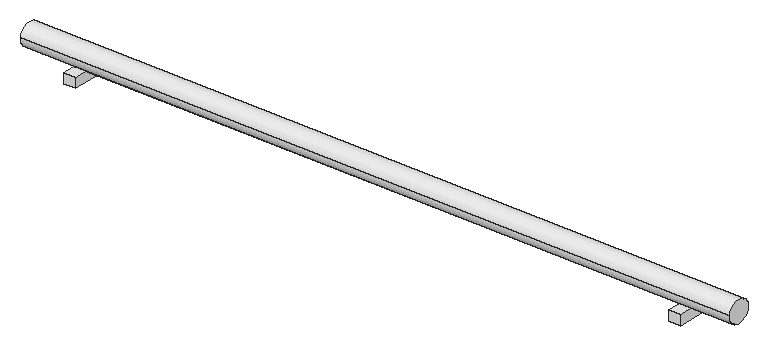
Revit family "Lighting-Linear-Acclaim-Adapt Cove", category Lighting Fixtures, host Face, Revit 2017
Family settings
  Host = Face
  Round Connector Dimension = Use Diameter
  Part Type = Normal
  Cut with Voids When Loaded = No
  Light Source = Yes
  Shared = No
  Room Calculation Point = No
Parameters (values of type "Adapt Cove")
  Width = 2.04"
  Wattage = 9.2903 W
  built-in parameter 1150110 = 1 (stored number, unit not read)
  Voltage = 0 V
  URL = "http://www.acclaimlighting.com/"
  built-in parameter 1114217 = 1 (stored number, unit not read)
  Tilt Angle = -90.00°
  built-in parameter 1150109 = 1 (stored number, unit not read)
  built-in parameter 1150134 = 3
  built-in parameter 1150113 = 1 (stored number, unit not read)
  Power Factor = 1
  Photometric Web File = "Load File"
  Number of Poles = 1
  built-in parameter 1150142 = (empty or 0)
  Model = "Adapt Cove"
  Manufacturer = "Acclaim Lighting"
  built-in parameter 1150105 = 109.82 (stored number, unit not read)
  Lumens = 1380 lm
  built-in parameter 1150115 = 1 (stored number, unit not read)
  built-in parameter 1150137 = (empty or 0)
  built-in parameter 1150139 = (empty or 0)
  Length = 48.00"
  built-in parameter 1150112 = 1 (stored number, unit not read)
  built-in parameter 1150114 = 1 (stored number, unit not read)
  Lamp = "LED"
  built-in parameter 1150132 = (empty or 0)
  built-in parameter 1150102 = (empty or 0)
  built-in parameter 1150107 = 3200 (stored number, unit not read)
  built-in parameter 1150138 = (empty or 0)
  built-in parameter 1150106 = 1.0982 (stored number, unit not read)
  Housing Finish = Aluminum
  Emit from Line Length = Length  # 48.00"
  built-in parameter 1150104 = 13.8 (stored number, unit not read)
  Dimming Lamp Color Temperature Shift = <None>
  Description = "Cove Lighting"
  Default Elevation = 48.00"
  Color Filter = 16777215
  built-in parameter 1114218 = 1 (stored number, unit not read)
  built-in parameter 1150133 = 10 (stored number, unit not read)
  Apparent Load = 0 VA
Reference planes (in)
  plane 1 "Center (Front/Back)": y = 0
  plane 2: z = 0
  plane 3 "Center (Left/Right)": x = 0
  plane 4: x = -2.86874
  plane 5: x = -2.08749
  plane 6: x = 2.06876
  plane 7: x = 2.85001
  plane 8: z = 1.668
  plane 9: z = 2.03932
  plane 10: y = 1.02
  plane 11: y = -1.02
  plane 12: z = 2.59
  plane 13: x = -24
  plane 14: x = 24
Forms (in)
  Extrusion 1, solid, material "Aluminum"
    sketch origin (0, 0, 0) x (0, 1, 0) y (0, 0, 1)
      loop
        arc (0.77685, 1.59022) -> (-0.02218, 2.23957) -> (-0.82121, 1.59022) r 0.81628
        arc (-0.82121, 1.59022) -> (-0.02218, 0.79119) -> (0.77685, 1.59022) r 0.79903
    from -24 to 24
  Extrusion 2, solid, material "Aluminum"
    sketch origin (0, 0, 0) x (1, 0, 0) y (0, 1, 0)
      loop
        line (-20.86874, 1.02) -> (-20.86874, -1.02) -> (-20.08749, -1.02) -> (-20.08749, 1.02) -> (-20.86874, 1.02)
    from 0 to 0.64451
  Extrusion 3, solid, material "Aluminum"
    sketch origin (0, 0, 0) x (-1, 0, 0) y (0, -1, 0)
      loop
        line (-20.86874, -1.02) -> (-20.08749, -1.02) -> (-20.08749, 1.02) -> (-20.86874, 1.02) -> (-20.86874, -1.02)
    from 0 to 0.64451
  Extrusion 4, solid, material "Aluminum"
    sketch origin (0, 0, 0) x (0, 1, 0) y (0, 0, 1)
      loop
        line (0.04679, 0.79417) -> (-0.09711, 0.79417) -> (-0.09711, 0.64451) -> (0.04679, 0.64451) -> (0.04679, 0.79417)
    from -20.86874 to 20.86874
Dimensions and locks (in)
  equal spacing: plane 10, plane 1 "Center (Front/Back)", plane 11
  "Width": plane 10 to plane 11
  equal spacing: plane 13, plane 3 "Center (Left/Right)", plane 14
  "Length": plane 13 to plane 14
  plane 8 to host face = 1.668"
  Extrusion 3 to Extrusion 3 to plane 14 = 0.78125" locked, 3.13126" locked
  plane 13 to Extrusion 2 to Extrusion 2 = 3.13126" locked, 0.78125" locked
  aligned and locked: plane 2 to host face
  aligned and locked: level to host face
  aligned and locked: Extrusion 1 to plane 13
  aligned and locked: plane 14 to Extrusion 1
  aligned and locked: Extrusion 3 to Extrusion 4
  aligned and locked: Extrusion 2 to Extrusion 4
Automatic sketch dimensions
  host sketch curve to host sketch curve = 96.00"  (x2)
  Extrusion 2 sketch curve to plane 4 = 18.00"
  Extrusion 2 sketch curve to plane 5 = 18.00"
  plane 11 to Extrusion 2 sketch curve = 0.00"
  plane 10 to Extrusion 2 sketch curve = 0.00"
  plane 11 to Extrusion 3 sketch curve = 0.00"
  plane 10 to Extrusion 3 sketch curve = 0.00"
  Extrusion 3 sketch curve to plane 7 = 18.01874"
  Extrusion 3 sketch curve to plane 6 = 18.01874"
  plane 1 "Center (Front/Back)" to Extrusion 1 sketch curve = 0.02218"
  Extrusion 1 sketch curve to plane 8 = 0.2447"
  Extrusion 1 sketch curve to plane 8 = 0.07778"
  Extrusion 1 sketch curve to plane 11 = 0.19879"
  plane 1 "Center (Front/Back)" to Extrusion 4 sketch curve = 0.09711"
  Extrusion 4 sketch curve to plane 1 "Center (Front/Back)" = 0.04679"
  level to Extrusion 4 sketch curve = 0.64451"
  Extrusion 4 sketch curve to Extrusion 4 sketch curve = 0.14966"
Connectors (in)
  electrical at (24, -0.02218, 1.59022), driven by "Number of Poles", driven by "Voltage", driven by "Apparent Load", driven by "Power Factor"
    settings: on Extrusion 1, index 1, voltage 0 V, apparent load 0 VA, apparent load phase1 0 VA, apparent load phase2 0 VA, apparent load phase3 0 VA, power factor 1, load classification "Other", number of poles 1, system type 31, power factor state 1, is connector primary yes, connector utility yes, sub classification motor no, connector description ""
